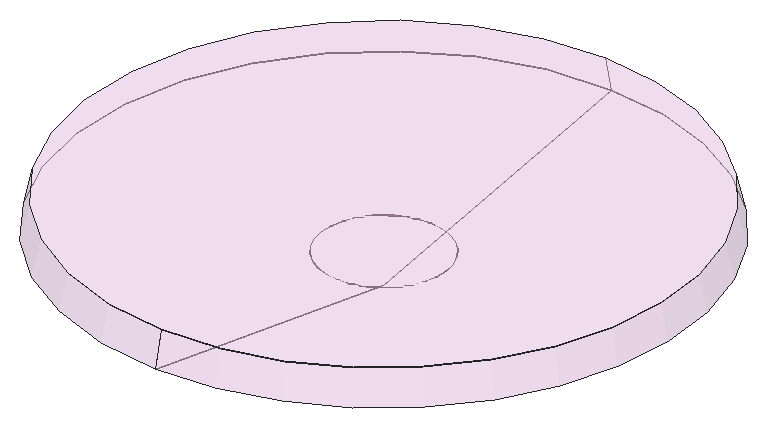
Revit family "Camera-Security-Panasonic-360-degree-Indoor-Dome-Network-SFN480-2", category Security Devices, host Face, Revit 2013
Parameters (values of type "Camera-Security-Panasonic-ViewVolume360")
  z Yaw Actual [instance] = 0.00°  # constant formula
  z Void Width [instance] = z Screen Depth * 2 + 1000 mm  # 21000 mm
  z Void Thickness [instance] = z Screen Depth + abs(Base Height Offset)  # 10150 mm
  z Void Height Start [instance] = -z Void Width / 2  # -10500 mm
  z Void Height End [instance] = z Void Width / 2  # 10500 mm
  z Void Direction [instance] = if((if(On Wall, 1, 0) + if(On Ceiling, 1, 0)) = 1, if(On Ceiling, 0, 1), On Default Mount Type)  # 0
  z Tilt Actual [instance] = if(z Void Direction = 0, 0.00°, if(z Void Direction = 1, 90.00°, 0.00°))  # 0.00°
  z Target Visible [instance] = and(Target Horizontal Distance > 1 mm, z Target Depth < z Screen Depth, z Target Depth > 100 mm)  # yes
  z Target Horizontal Distance [instance] = if(Target Horizontal Distance < 100 mm, 100 mm, Target Horizontal Distance)  # 2000 mm
  z Target Depth [instance] = if(if(z Void Direction = 0, z Floor Distance - Object Height - Base Height Offset, z Floor Distance - Object Height) < 100 mm, 100 mm, if(z Void Direction = 0, z Floor Distance - Object Height - Base Height Offset, z Floor Distance - Object Height))  # 1070 mm
  z Pan Actual [instance] = 0.00°  # constant formula
  z Floor Distance [instance] = if(Floor Distance < 100 mm, 100 mm, Floor Distance)  # 3000 mm
  z FOV Half [instance] = HFOV / 2  # 80.00°
  z Const Yaw Base2 Length = 440 mm  # constant formula
  z Const Tilt Base2 Length = 500 mm  # constant formula
  z Ceiling Distance [instance] = if(Ceiling Distance < 0 mm, 0 mm, Ceiling Distance)  # 0 mm
  z Const Void Handle Length = 600 mm  # constant formula
  z Void Angle [instance] = if(z Void Direction = 0, 0.00° + Base Angle Offset, if(z Void Direction = 1, 90.00° + Base Angle Offset, 180.00° + Base Angle Offset))  # 0.00°
  z Screen Depth [instance] = if(Screen Depth < 200 mm, 200 mm, Screen Depth)  # 10000 mm
  z Camera Back Void Depth [instance] = z Screen Depth + z Screen Depth * 0.01  # 10100 mm
  Target Horizontal Distance [instance] = 2000 mm
  Original Creation Date = "September, 15, 2016"  # constant formula
  On Default Mount Type [instance] = 0
  Object Height [instance] = 1780 mm
  Manufacturer = "Panasonic"  # constant formula
  Family Version = "1.0.0"  # constant formula
  Date Last Modified = "September, 15, 2016"  # constant formula
  Copyright = "Copyright © Panasonic"  # constant formula
  Base Height Offset [instance] = 150 mm
  Base Angle Offset [instance] = 0.00°
  VFOV [instance] = 33.75°
  z Target Thickness = 5 mm  # constant formula
  Screen Depth [instance] = 10000 mm
  z Const Yaw Handle Length = 235 mm  # constant formula
  z Const Yaw Base Length = 260 mm  # constant formula
  z Viewpoint Origin Horizontal Offset [instance] = 0 mm  # constant formula
  z Const Tilt Handle Length = 360 mm  # constant formula
  z Const Tilt Base Length = 250 mm  # constant formula
  z Const Pan Handle Length = 500 mm  # constant formula
  z Const Pan Axis Length = 400 mm  # constant formula
  On Wall [instance] = no
  On Ceiling [instance] = yes
  HFOV [instance] = 160.00°
  Floor Distance [instance] = 3000 mm
  Ceiling Distance [instance] = 0 mm
Reference planes
  plane 1 "Center (Front/Back)": y = 0
  plane 2: z = 0
  plane 3 "Center (Left/Right)": x = 0
  plane 4 "VoidOffsetBase": z = -150
Forms (mm)
  Extrusion 1, void
    sketch origin (0, 0, -150) x (0, 0, 1) y (0, -1, 0)
      loop
        line (13150, 10500) -> (3000, 10500) -> (3000, -10500) -> (13150, -10500) -> (13150, 10500)
      loop
        line (0, 10500) -> (-10150, 10500) -> (-10150, -10500) -> (0, -10500) -> (0, 10500)
    from -10500 <- "z Void Height Start" to 10500 <- "z Void Height End"
  Revolve 2, solid, material "Panasonic - Target", visible <- "z Target Visible"
    sketch origin (0, 0, 1070) x (0, 0, -1) y (0, 1, 0)
      loop
        circle (0, 2000) r 5
      axis (5, 0) -> (-5, 0)
    angle from 0 to 360
  Revolve 3, solid, material "Panasonic - ViewVolume"
    sketch origin (0, 0, 0) x (0, 1, 0) y (0, 0, 1)
      loop
        line (0, 0) -> (9848.078, 1736.482)
        arc (9848.078, 1736.482) -> (6427.876, 7660.444) -> (0, 10000) r 10000
        line (0, 10000) -> (0, 0)
      axis (0, 0) -> (0, 10000)
    angle from 0 to 360
  Revolve 4, void
    sketch origin (0, 0, 0) x (0, 1, 0) y (0, 0, 1)
      loop
        line (0, 0) -> (0, -10100)
        arc (0, -10100) -> (7737.049, -6492.155) -> (9946.558, 1753.847) r 10100
        line (9946.558, 1753.847) -> (0, 0)
      axis (0, -10100) -> (0, 1753.847)
    angle from 0 to 360
Cuts and joins
  Revolve 4 cuts Revolve 2
  Extrusion 1 cuts Revolve 3
Lines and regions (mm)
  reference lines
    curve 1: line (0, 0, 0) -> (500, 0, 0)
    curve 2: line (0, 0, -400) -> (0, 0, 0)
    curve 3: line (0, 0, 0) -> (0, -250, 0)
    curve 4: line (0, 0, 0) -> (0, 0, 500)
    curve 5: line (0, 0, 360) -> (0, 0, 0)
    curve 6: line (0, 0, 0) -> (0, 260, 0)
    curve 7: line (0, 0, 0) -> (-440, 0, 0)
    curve 8: line (0, 0, 0) -> (-235, 0, 0)
    curve 9: line (0, 0, 1070) -> (0, 0, 0)
    curve 10: line (0, 0, -150) -> (0, 0, 450)
    curve 11: line (0, -10500, 13000) -> (0, 10500, 13000)
    curve 12: line (0, -10500, 2850) -> (0, -10500, 13000)
    curve 13: line (0, 10500, 2850) -> (0, -10500, 2850)
    curve 14: line (0, 10500, 13000) -> (0, 10500, 2850)
    curve 15: line (0, -10500, -150) -> (0, 10500, -150)
    curve 16: line (0, -10500, -10300) -> (0, -10500, -150)
    curve 17: line (0, 10500, -10300) -> (0, -10500, -10300)
    curve 18: line (0, 10500, -150) -> (0, 10500, -10300)
Dimensions and locks
  "z Const Pan Handle Length": curve 1 to curve 1
  "z Const Pan Axis Length": curve 2 to curve 2
  "z Const Tilt Base Length": curve 3 to curve 3
  "z Const Pan Axis Length": curve 1 to curve 2
  "z Viewpoint Origin Horizontal Offset": curve 4 to curve 2
  "z Const Tilt Base2 Length": curve 4 to curve 4
  "z Const Tilt Handle Length": curve 5 to curve 5
  "z Const Yaw Base Length": curve 6 to curve 6
  "z Const Yaw Base2 Length": curve 7 to curve 7
  "z Const Yaw Handle Length": curve 8 to curve 8
  "z Target Depth": curve 9 to curve 9
  "z Const Void Handle Length": curve 10 to curve 10
  equal spacing: curve 12, curve 10, curve 14
  "z Void Width": curve 12 to curve 14
  "z Floor Distance": curve 13 to curve 10
  "z Ceiling Distance": curve 15 to curve 10
  "z Void Thickness": curve 17 to curve 15
  "z Void Thickness": curve 11 to curve 13
  "Base Height Offset": level to plane 4 "VoidOffsetBase"
  "z Target Horizontal Distance": curve 10 to Revolve 2 sketch curve
  "z Camera Back Void Depth": Revolve 4 sketch curve to Revolve 4 sketch curve  (x2)
  "z Screen Depth": Revolve 3 sketch curve to Revolve 3 sketch curve  (x2)
  "z Target Thickness": radius of Revolve 2 sketch curve
  "z Screen Depth": radius of Revolve 3 sketch curve
  "z Camera Back Void Depth": radius of Revolve 4 sketch curve
  locked: curve 3 to curve 2 (angle 90.00°)
  locked: curve 3 to curve 4 (angle 90.00°)
  "z Tilt Actual": angle curve 4 to curve 5
  locked: curve 6 to curve 7 (angle 90.00°)
  locked: curve 6 to curve 5 (angle 90.00°)
  locked: curve 9 to curve 5 (angle 0.00°)
  "z Void Angle": angle plane 1 "Center (Front/Back)" to curve 10
  "z Yaw Actual": angle curve 7 to curve 8
  "z Pan Actual": angle plane 1 "Center (Front/Back)" to curve 1
  "z FOV Half": angle Revolve 4 sketch curve to plane 1 "Center (Front/Back)"
  "z FOV Half": angle Revolve 3 sketch curve to plane 1 "Center (Front/Back)"
  aligned and locked: level to plane 2
  aligned and locked: curve 2 to curve 1
  aligned and locked: curve 2 to curve 3
  aligned and locked: curve 3 to curve 2
  aligned and locked: curve 3 to curve 5
  aligned and locked: curve 6 to curve 7
  aligned and locked: curve 6 to curve 8
  aligned and locked: curve 8 to curve 7
  aligned and locked: curve 7 to curve 6
  aligned and locked: plane 1 "Center (Front/Back)" to curve 10
  aligned and locked: curve 16 to curve 12
  aligned and locked: curve 14 to curve 18
  aligned and locked: Extrusion 1 sketch curve to curve 11
  aligned and locked: Extrusion 1 sketch curve to curve 12
  aligned and locked: Extrusion 1 sketch curve to curve 13
  aligned and locked: Extrusion 1 sketch curve to curve 14
  aligned and locked: Extrusion 1 sketch curve to curve 15
  aligned and locked: Extrusion 1 sketch curve to curve 16
  aligned and locked: Extrusion 1 sketch curve to curve 17
  aligned and locked: Extrusion 1 sketch curve to curve 18
  aligned and locked: Extrusion 1 sketch curve to Extrusion 1 sketch curve  (x8)
  aligned and locked: plane 3 "Center (Left/Right)" to curve 1
  aligned and locked: plane 1 "Center (Front/Back)" to curve 1
  aligned and locked: level to curve 2
  aligned and locked: plane 4 "VoidOffsetBase" to curve 10
  aligned and locked: plane 1 "Center (Front/Back)" to Revolve 4 sketch curve
  aligned and locked: level to Revolve 4 sketch curve
  aligned and locked: level to Revolve 3 sketch curve
  aligned and locked: plane 1 "Center (Front/Back)" to Revolve 3 sketch curve
Automatic sketch dimensions
  curve 9 to curve 8 = 0 mm  (x2)
  curve 6 to curve 5 = 0 mm
  curve 6 to curve 5 = 260 mm
  Revolve 2 sketch curve to curve 9 = 0 mm  (x3)
  curve 9 to Revolve 2 sketch curve = 0 mm
  Revolve 3 sketch curve to level = 0 mm
  Revolve 3 sketch curve to plane 1 "Center (Front/Back)" = 0 mm
  Revolve 3 sketch curve to Revolve 3 sketch curve = 0 mm
  Revolve 4 sketch curve to level = 0 mm
  Revolve 4 sketch curve to plane 1 "Center (Front/Back)" = 0 mm
  Revolve 4 sketch curve to Revolve 4 sketch curve = 2719.117 mm
